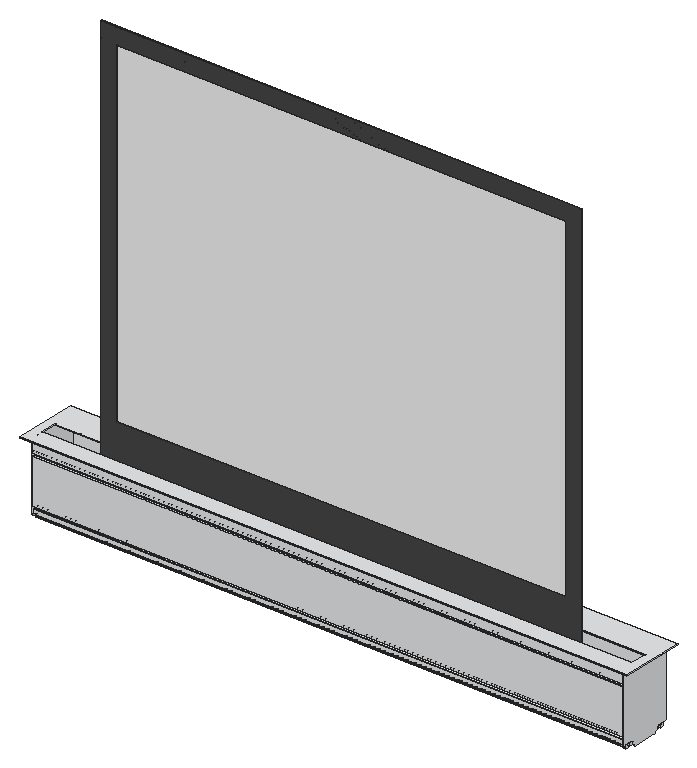
Revit family "Projector_Screen-Draper_Inc-Ultimate_Access_E", category Specialty Equipment, host Face, Revit 2026
Family settings
  Host = Face
  Round Connector Dimension = Use Diameter
  Part Type = Normal
  Classification Number = 23.85.10.14.31
  Enable Cutting in Views = No
  Cut with Voids When Loaded = No
  Maintain Annotation Orientation = No
  Shared = No
  Room Calculation Point = No
Parameters (values of type "NOT A TYPE - LOAD TYPE CATALOG")
  Width = 0' - 7.94005"
  Voltage = 110 V
  URL = "http://www.draperinc.com"
  Screen Drop = 3' - 10 1/2"
  Screen = 5' - 0 1/2"
  Raised [instance] = not(Lowered)  # no
  Projection Screen Material = Fabric - Draper - CH1900E - Pearl White
  Product Page URL = "http://www.draperinc.com/projectionscreens/productdetail.aspx?detail=297"
  Product Name = "Ultimate Access E"
  Product Documentation Link = "http://www.draperinc.com/DocumentDownload.aspx?path=ProjectionScreens\\Submittals&file=UltimateAccessE_In_Sub.pdf"
  Overall Size = "46 1/2\" x 59 1/2\""
  Number of Poles = 1
  Model = "Ultimate Acess E"  # constant formula
  Material = ""
  Manufacturer = "Draper Inc."  # constant formula
  Lowered [instance] = yes
  Length = 6' - 4 3/8"
  Keynote = "10100"
  Image Length = 4' - 8 1/2"
  Image Height = 3' - 6 1/2"
  Image Area = "42 1/2\" x 56 1/2\""
  Image Length Constraint = if(Image Height = Screen Drop, Image Length - 0' 0 1/4", Image Length)  # 4' - 8 1/2"
  Image Height Constraint = if(Image Height = Screen Drop, Image Height - 0' 0 1/4", Image Height)  # 3' - 6 1/2"
  Frequency = 60 Hz
  Description = "Projector Screen"  # constant formula
  Default Elevation = 4' - 0"
  Case Material = Paint - Draper - White
  C Border [instance] = if(Image Height = Screen Drop, Border, Lowered)  # yes
  Border = Image Height < Screen Drop  # yes
  Apparent Load = 132 VA
Reference planes (in)
  plane 1 "Center (Front/Back)": y = 0
  plane 2: z = 0
  plane 3 "Center (Left/Right)": x = 0
  plane 4 "Left": x = -38.1875
  plane 5 "Right": x = 38.1875
  plane 6: x = -37.1875
  plane 7: x = 37.1875
  plane 8: x = -37.28125
  plane 9: x = 37.28125
  plane 10: z = 0.12194
  plane 11 "Bottom": z = -9.31556
  plane 12: z = 48.62194
  plane 13: x = -30.25
  plane 14: x = 30.25
  plane 15 "Back": y = 3.97003
  plane 16 "Front": y = -3.97003
  plane 17: y = 3.375
  plane 18: y = -3.375
  plane 19: z = 24.37194
  plane 20: z = 46.62194
Forms (in)
  Extrusion 1, solid, material "Paint - Draper - White" <- "Case Material"
    sketch origin (0, 0, 0) x (0, 1, 0) y (0, 0, 1)
      loop
        line (2.87726, -9.00479) -> (2.93841, -8.69977)
        arc (2.93841, -8.69977) -> (2.96449, -8.65489) -> (3.01328, -8.63718) r 0.07608
        line (3.01328, -8.63718) -> (3.18725, -8.63718)
        arc (3.18725, -8.63718) -> (3.34947, -8.56999) -> (3.41666, -8.40778) r 0.22941
        line (3.41666, -8.40778) -> (3.41666, -7.91164) -> (3.15766, -7.91164)
        arc (3.15766, -7.91164) -> (2.98853, -7.74251) -> (3.15766, -7.57337) r 0.16913
        line (3.15766, -7.57337) -> (3.3938, -7.57337) -> (3.3938, -1.88075) -> (3.15766, -1.88075)
        arc (3.15766, -1.88075) -> (2.98853, -1.71161) -> (3.15766, -1.54248) r 0.16913
        line (3.15766, -1.54248) -> (3.3938, -1.54248) -> (3.3938, 0) -> (2.96094, 0) -> (2.96094, -8.50479) -> (-2.96094, -8.50479) -> (-2.96094, 0) -> (-3.3938, 0) -> (-3.3938, -1.54248) -> (-3.15766, -1.54248)
        arc (-3.15766, -1.54248) -> (-2.98853, -1.71161) -> (-3.15766, -1.88075) r 0.16913
        line (-3.15766, -1.88075) -> (-3.3938, -1.88075) -> (-3.3938, -7.57337) -> (-3.15766, -7.57337)
        arc (-3.15766, -7.57337) -> (-2.98853, -7.74251) -> (-3.15766, -7.91164) r 0.16913
        line (-3.15766, -7.91164) -> (-3.35671, -7.91164) -> (-3.35671, -8.46772)
        arc (-3.35671, -8.46772) -> (-3.30707, -8.58755) -> (-3.18725, -8.63718) r 0.16946
        line (-3.18725, -8.63718) -> (-3.01328, -8.63718)
        arc (-3.01328, -8.63718) -> (-2.9645, -8.65488) -> (-2.93842, -8.69973) r 0.07608
        line (-2.93842, -8.69973) -> (-2.88329, -9.00479)
        arc (-2.88329, -9.00479) -> (-2.8565, -9.05058) -> (-2.80909, -9.0744) r 0.09345
        line (-2.80909, -9.0744) -> (-2.57672, -9.0744) -> (-2.57672, -8.87934) -> (-2.74741, -8.87934) -> (-2.77182, -8.85493) -> (-2.77182, -8.72089) -> (-2.75961, -8.68428) -> (-2.723, -8.64766) -> (-2.68649, -8.63556) -> (-2.1013, -8.63556) -> (-2.06469, -8.64766) -> (-2.02808, -8.64487) -> (-2.01587, -8.68148) -> (-2.01587, -8.85493) -> (-2.04028, -8.87934) -> (-2.21047, -8.87934) -> (-2.21047, -9.0744) -> (-1.9787, -9.0744)
        arc (-1.9787, -9.0744) -> (-1.91876, -9.03544) -> (-1.9045, -8.96538) r 0.09251
        line (-1.9045, -8.96538) -> (1.89847, -8.96538)
        arc (1.89847, -8.96538) -> (1.91273, -9.03544) -> (1.97267, -9.0744) r 0.09251
        line (1.97267, -9.0744) -> (2.20444, -9.0744) -> (2.20444, -8.87934) -> (2.03425, -8.87934) -> (2.00984, -8.85493) -> (2.00984, -8.68148) -> (2.02205, -8.64487) -> (2.05866, -8.64766) -> (2.09527, -8.63556) -> (2.68046, -8.63556) -> (2.71697, -8.64766) -> (2.75359, -8.68428) -> (2.76579, -8.72089) -> (2.76579, -8.85493) -> (2.74138, -8.87934) -> (2.5707, -8.87934) -> (2.5707, -9.0744) -> (2.80306, -9.0744)
        arc (2.80306, -9.0744) -> (2.85047, -9.05058) -> (2.87726, -9.00479) r 0.09345
    from -37.1875 to 37.1875
  Extrusion 2, solid, material "Paint - Draper - White" <- "Case Material"
    sketch origin (0, 0, 0) x (0, 1, 0) y (0, 0, 1)
      loop
        arc (3.12498, -8.55974) -> (3.30177, -8.48651) -> (3.375, -8.30971) r 0.25002
        line (3.375, -8.30971) -> (3.375, -0.38001)
        arc (3.375, -0.38001) -> (3.33984, -0.29513) -> (3.25496, -0.25997) r 0.12004
        line (3.25496, -0.25997) -> (3.11495, -0.25997)
        arc (3.11495, -0.25997) -> (3.03011, -0.22483) -> (2.99497, -0.13999) r 0.11999
        line (2.99497, -0.13999) -> (2.99497, 0) -> (-2.99497, 0) -> (-2.99497, -0.13993)
        arc (-2.99497, -0.13993) -> (-3.03013, -0.22481) -> (-3.11501, -0.25997) r 0.12004
        line (-3.11501, -0.25997) -> (-3.25502, -0.25997)
        arc (-3.25502, -0.25997) -> (-3.33986, -0.29512) -> (-3.375, -0.37996) r 0.11999
        line (-3.375, -0.37996) -> (-3.375, -8.30975)
        arc (-3.375, -8.30975) -> (-3.30179, -8.48651) -> (-3.12503, -8.55972) r 0.24997
        line (-3.12503, -8.55972) -> (-2.08183, -8.55972)
        arc (-2.08183, -8.55972) -> (-1.99338, -8.59636) -> (-1.95674, -8.68482) r 0.12509
        line (-1.95674, -8.68482) -> (-1.95674, -8.83094)
        arc (-1.95674, -8.83094) -> (-1.93283, -8.94291) -> (-1.82991, -8.99307) r 0.13067
        line (-1.82991, -8.99307) -> (-1.7159, -8.99307)
        arc (-1.7159, -8.99307) -> (-1.62752, -9.02967) -> (-1.59091, -9.11805) r 0.12499
        line (-1.59091, -9.11805) -> (-1.59091, -9.19057)
        arc (-1.59091, -9.19057) -> (-1.55431, -9.27895) -> (-1.46593, -9.31556) r 0.12499
        line (-1.46593, -9.31556) -> (1.46593, -9.31556)
        arc (1.46593, -9.31556) -> (1.55431, -9.27895) -> (1.59091, -9.19057) r 0.12499
        line (1.59091, -9.19057) -> (1.59091, -9.11805)
        arc (1.59091, -9.11805) -> (1.62752, -9.02967) -> (1.7159, -8.99307) r 0.12499
        line (1.7159, -8.99307) -> (1.83739, -8.99307)
        arc (1.83739, -8.99307) -> (1.92577, -8.95646) -> (1.96238, -8.86808) r 0.12499
        line (1.96238, -8.86808) -> (1.96238, -8.64766)
        arc (1.96238, -8.64766) -> (2.00693, -8.58463) -> (2.08, -8.55974) r 0.12509
        line (2.08, -8.55974) -> (3.12498, -8.55974)
    from -37.28125 to -37.1875
  Extrusion 3, solid, material "Paint - Draper - White" <- "Case Material"
    sketch origin (0, 0, 0) x (0, 1, 0) y (0, 0, 1)
      loop
        arc (3.375, -0.38001) -> (3.33984, -0.29513) -> (3.25496, -0.25997) r 0.12004
        line (3.25496, -0.25997) -> (3.11495, -0.25997)
        arc (3.11495, -0.25997) -> (3.03011, -0.22483) -> (2.99497, -0.13999) r 0.11999
        line (2.99497, -0.13999) -> (2.99497, 0) -> (-2.99497, 0) -> (-2.99497, -0.13993)
        arc (-2.99497, -0.13993) -> (-3.03013, -0.22481) -> (-3.11501, -0.25997) r 0.12004
        line (-3.11501, -0.25997) -> (-3.25502, -0.25997)
        arc (-3.25502, -0.25997) -> (-3.33986, -0.29512) -> (-3.375, -0.37996) r 0.11999
        line (-3.375, -0.37996) -> (-3.375, -8.30975)
        arc (-3.375, -8.30975) -> (-3.30179, -8.48651) -> (-3.12503, -8.55972) r 0.24997
        line (-3.12503, -8.55972) -> (-2.08183, -8.55972)
        arc (-2.08183, -8.55972) -> (-1.99338, -8.59636) -> (-1.95674, -8.68482) r 0.12509
        line (-1.95674, -8.68482) -> (-1.95674, -8.83094)
        arc (-1.95674, -8.83094) -> (-1.93283, -8.94291) -> (-1.82991, -8.99307) r 0.13067
        line (-1.82991, -8.99307) -> (-1.7159, -8.99307)
        arc (-1.7159, -8.99307) -> (-1.62752, -9.02967) -> (-1.59091, -9.11805) r 0.12499
        line (-1.59091, -9.11805) -> (-1.59091, -9.19057)
        arc (-1.59091, -9.19057) -> (-1.55431, -9.27895) -> (-1.46593, -9.31556) r 0.12499
        line (-1.46593, -9.31556) -> (1.46593, -9.31556)
        arc (1.46593, -9.31556) -> (1.55431, -9.27895) -> (1.59091, -9.19057) r 0.12499
        line (1.59091, -9.19057) -> (1.59091, -9.11805)
        arc (1.59091, -9.11805) -> (1.62752, -9.02967) -> (1.7159, -8.99307) r 0.12499
        line (1.7159, -8.99307) -> (1.83739, -8.99307)
        arc (1.83739, -8.99307) -> (1.92577, -8.95646) -> (1.96238, -8.86808) r 0.12499
        line (1.96238, -8.86808) -> (1.96238, -8.64766)
        arc (1.96238, -8.64766) -> (2.00693, -8.58463) -> (2.08, -8.55974) r 0.12509
        line (2.08, -8.55974) -> (3.12498, -8.55974)
        arc (3.12498, -8.55974) -> (3.30177, -8.48651) -> (3.375, -8.30971) r 0.25002
        line (3.375, -8.30971) -> (3.375, -0.38001)
    from 37.1875 to 37.28125
  Extrusion 4, solid, material "Paint - Draper - White" <- "Case Material"
    sketch origin (0, 0, 0) x (1, 0, 0) y (0, 1, 0)
      loop
        line (-37.1875, 0.23692) -> (-37.1875, -1.9045) -> (37.1875, -1.9045) -> (37.1875, 0.23692) -> (-37.1875, 0.23692)
      loop
        line (-38.1875, 3.99901) -> (-38.1875, -4.01543) -> (38.1875, -4.01543) -> (38.1875, 3.99901) -> (-38.1875, 3.99901)
    from 0 to 0.12194
  Extrusion 5, void
    sketch origin (0, 0, 0) x (1, 0, 0) y (0, 1, 0)
      loop
        line (-37.40625, 3.41666) -> (-37.40625, -3.375) -> (37.40625, -3.375) -> (37.40625, 3.41666) -> (-37.40625, 3.41666)
    from -9.31556 to 0.12194
  Sweep 6, solid, material "Fabric - Draper - CH1900E - Pearl White" <- "Projection Screen Material", visible <- "Lowered"
    path origin (0, 0, 0) x (0, 1, 0) y (0, 0, 1)
      loop
        line (-1.1194, 48.62194) -> (-1.1194, -3.49177)
    profile origin (0, -1.1194, 22.56509) x (1, 0, 0) y (0, 1, 0)
      loop
        line (-30.25, 0.03125) -> (-30.25, -0.03125) -> (30.25, -0.03125) -> (30.25, 0.03125) -> (-30.25, 0.03125)
  Extrusion 7, solid, material "Paint - Draper - White" <- "Case Material"
    sketch origin (0, 0, 0) x (1, 0, 0) y (0, 1, 0)
      loop
        circle (-35.9375, 1) r 0.4375
    from -9.035 to -8.98261
  Extrusion 8, solid, material "Fabric - Draper - Border - Black", visible <- "C Border"
    sketch origin (0, 0, 0) x (1, 0, 0) y (0, 0, 1)
      loop
        line (-30.25, 48.62194) -> (-30.25, -3.49177) -> (30.25, -3.49177) -> (30.25, 48.62194) -> (-30.25, 48.62194)
      loop
        line (-28.25, 46.62194) -> (-28.25, 4.12194) -> (28.25, 4.12194) -> (28.25, 46.62194) -> (-28.25, 46.62194)
    from 1.06403 to 1.18087
  Extrusion 9, solid, material "Paint - Draper - White" <- "Case Material", visible <- "Raised"
    sketch origin (0, 0, 0) x (1, 0, 0) y (0, 1, 0)
      loop
        line (-37.1875, 0.23692) -> (-37.1875, -1.9045) -> (37.1875, -1.9045) -> (37.1875, 0.23692) -> (-37.1875, 0.23692)
    from 0 to 0.12194
  Extrusion 10, solid, material "Fabric - Draper - Border - Black", visible <- "Lowered"
    sketch origin (0, 0, 0) x (1, 0, 0) y (0, 0, 1)
      loop
        line (-30.25, 48.62194) -> (-30.25, 46.62194) -> (30.25, 46.62194) -> (30.25, 48.62194) -> (-30.25, 48.62194)
    from 1.06403 to 1.18087
Lines and regions (in)
  Masking region 1, visible <- "Lowered"
    outline origin (0, 0, 0) x (1, 0, 0) y (0, 1, 0)
      loop
        line (-38.1875, 3.96904) -> (-38.1875, -4.01543) -> (38.1875, -4.01543) -> (38.1875, 3.96904) -> (-38.1875, 3.96904)
      loop
        line (-37.1875, 0.23692) -> (-37.1875, -1.9045) -> (37.1875, -1.9045) -> (37.1875, 0.23692) -> (-37.1875, 0.23692)
  Masking region 2, visible <- "Raised"
    outline origin (0, 0, 0) x (1, 0, 0) y (0, 1, 0)
      loop
        line (-38.1875, 3.99901) -> (-38.1875, -4.01543) -> (38.1875, -4.01543) -> (38.1875, 3.99901) -> (-38.1875, 3.99901)
  symbolic lines, detail levels fine
    curve 1: line (-37.1875, -3.96904, 0) -> (-37.1875, 3.99901, 0)
    curve 2: line (37.1875, 3.99901, 0) -> (37.1875, -4.01543, 0)
Dimensions and locks (in)
  equal spacing: plane 4 "Left", plane 3 "Center (Left/Right)", plane 5 "Right"
  "Length": plane 4 "Left" to plane 5 "Right"
  plane 4 "Left" to plane 6 = 0' - 1"
  plane 7 to plane 5 "Right" = 0' - 1"
  locked: plane 8 to plane 6 at 0.09375
  locked: plane 7 to plane 9 at 0.09375
  Extrusion 4 sketch curve to Extrusion 4 sketch curve = 0' - 3.76209"
  locked: Extrusion 4 sketch curve to Extrusion 4 sketch curve at 2.11093
  locked: Extrusion 4 sketch curve to Extrusion 4 sketch curve at 1  (x2)
  locked: plane 10 to plane 2 at 0.12194
  Extrusion 5 sketch curve to plane 1 "Center (Front/Back)" to Extrusion 5 sketch curve = 0' - 3 3/8" locked, 0' - 3.41666" locked
  Extrusion 5 sketch curve to Extrusion 5 sketch curve = 0' - 6.79166"
  plane 2 to plane 11 "Bottom" = 0' - 9.31556"
  "Screen Drop": plane 20 to plane 10
  locked: plane 2 to Sweep 6 sketch curve at 3.49177
  Sweep 6 sketch curve to profile plane to Sweep 6 sketch curve = 0' - 0 1/32" locked, 0' - 0 1/32" locked
  locked: plane 4 "Left" to Extrusion 7 sketch curve at 2.25
  locked: plane 1 "Center (Front/Back)" to Extrusion 7 sketch curve at 1
  plane 2 to Extrusion 7 = 0' - 9.035"
  equal spacing: plane 15 "Back", plane 1 "Center (Front/Back)", plane 16 "Front"
  "Width": plane 15 "Back" to plane 16 "Front"
  locked: plane 15 "Back" to plane 17 at 0.59503
  locked: plane 18 to plane 16 "Front" at 0.59502
  Extrusion 2 sketch curve to Extrusion 2 sketch curve to plane 11 "Bottom" = 0' - 0.43333" locked, 0' - 0.32249" locked
  locked: plane 2 to Extrusion 2 sketch curve at 0.25997  (x2)
  Extrusion 2 sketch curve to Extrusion 2 sketch curve to plane 11 "Bottom" = 0' - 0.43334" locked, 0' - 0.32249" locked
  Extrusion 2 sketch curve to Extrusion 2 sketch curve to plane 1 "Center (Front/Back)" to Extrusion 2 sketch curve to Extrusion 2 sketch curve = 0' - 0.37147" locked, 0' - 1.59091" locked, 0' - 1.59091" locked, 0' - 0.36582" locked
  Extrusion 2 sketch curve to plane 1 "Center (Front/Back)" to Extrusion 2 sketch curve = 0' - 2.99497" locked, 0' - 2.99497" locked
  Extrusion 3 sketch curve to Extrusion 3 sketch curve to plane 1 "Center (Front/Back)" to Extrusion 3 sketch curve to Extrusion 3 sketch curve = 0' - 0.37147" locked, 0' - 1.59091" locked, 0' - 1.59091" locked, 0' - 0.36582" locked
  Extrusion 3 sketch curve to Extrusion 3 sketch curve to plane 11 "Bottom" = 0' - 0.43334", 0' - 0.32249"
  plane 2 to Extrusion 3 sketch curve = 0' - 0.25997"
  locked: plane 2 to Extrusion 3 sketch curve at 0.25997
  Extrusion 3 sketch curve to Extrusion 3 sketch curve to plane 11 "Bottom" = 0' - 0.43333" locked, 0' - 0.32249" locked
  Extrusion 3 sketch curve to plane 1 "Center (Front/Back)" to Extrusion 3 sketch curve = 0' - 2.99497" locked, 0' - 2.99497" locked
  Extrusion 1 sketch curve to Extrusion 1 sketch curve to plane 1 "Center (Front/Back)" to Extrusion 1 sketch curve to Extrusion 1 sketch curve = 0' - 0.43286" locked, 0' - 2 123/128" locked, 0' - 2 123/128" locked, 0' - 0.43286" locked
  plane 2 to Extrusion 1 sketch curve to Extrusion 1 sketch curve to Extrusion 1 sketch curve to Extrusion 1 sketch curve to Extrusion 1 sketch curve to Extrusion 1 sketch curve to Extrusion 1 sketch curve to Extrusion 1 sketch curve = 0' - 1.54248" locked, 0' - 0.33827" locked, 0' - 5.69263" locked, 0' - 0.33827" locked, 0' - 0.72392" locked, 0' - 0.00162" locked, 0' - 0.24216" locked, 0' - 0.19506" locked  (x2)
  Extrusion 1 sketch curve to Extrusion 1 sketch curve to Extrusion 1 sketch curve to Extrusion 1 sketch curve to Extrusion 1 sketch curve to Extrusion 1 sketch curve to Extrusion 1 sketch curve to Extrusion 1 sketch curve to Extrusion 1 sketch curve to Extrusion 1 sketch curve to Extrusion 1 sketch curve to plane 1 "Center (Front/Back)" to Extrusion 1 sketch curve to Extrusion 1 sketch curve to Extrusion 1 sketch curve to Extrusion 1 sketch curve to Extrusion 1 sketch curve to Extrusion 1 sketch curve to Extrusion 1 sketch curve to Extrusion 1 sketch curve to Extrusion 1 sketch curve to Extrusion 1 sketch curve = 0' - 0.17397" locked, 0' - 0.07487" locked, 0' - 0.06115" locked, 0' - 0 19/256" locked, 0' - 0.03727" locked, 0' - 0.19509" locked, 0' - 0.36625" locked, 0' - 0.1946" locked, 0' - 0.03717" locked, 0' - 0 19/256" locked, 0' - 1.89847" locked, 0' - 1.9045" locked, 0' - 0.11138" locked, 0' - 0.1946" locked, 0' - 0.36625" locked, 0' - 0.19509" locked, 0' - 0.03727" locked, 0' - 0 19/256" locked, 0' - 0.05512" locked, 0' - 0.07486" locked, 0' - 0.17397" locked
  locked: Extrusion 1 sketch curve to plane 11 "Bottom" at 0.35018
  locked: Extrusion 7 to Extrusion 1 at 0.06962
  locked: plane 1 "Center (Front/Back)" to Sweep 6 sketch curve at 1.1194
  equal spacing: plane 12, plane 19, plane 10
  "Image Height Constraint": Extrusion 8 sketch curve to Extrusion 8 sketch curve
  locked: Sweep 6 to Extrusion 8 at 0.03022
  locked: Extrusion 8 to Sweep 6 at 0.02412
  locked: plane 12 to Extrusion 8 sketch curve at 2
  equal spacing: Extrusion 8 sketch curve, plane 3 "Center (Left/Right)", Extrusion 8 sketch curve
  "Image Length Constraint": Extrusion 8 sketch curve to Extrusion 8 sketch curve
  equal spacing: plane 14, plane 3 "Center (Left/Right)", plane 13
  "Screen": plane 14 to plane 13
  locked: plane 12 to plane 20 at 2
  plane 10 to plane 11 "Bottom" = 0' - 9 7/16"
  locked: plane 9 to Extrusion 5 sketch curve at 0.125
  locked: Extrusion 5 sketch curve to plane 8 at 0.125
  aligned and locked: plane 2 to host face
  aligned and locked: level to host face
  aligned and locked: Extrusion 1 to plane 6
  aligned and locked: Extrusion 1 to plane 7
  aligned and locked: Extrusion 2 to Extrusion 1
  aligned and locked: Extrusion 2 to plane 8
  aligned and locked: Extrusion 3 to plane 9
  aligned and locked: Extrusion 3 to Extrusion 1
  aligned and locked: Extrusion 4 sketch curve to Extrusion 1  (x2)
  aligned and locked: plane 10 to Extrusion 4
  aligned and locked: Extrusion 5 to plane 11 "Bottom"
  aligned and locked: Sweep 6 sketch curve to plane 13
  aligned and locked: Sweep 6 sketch curve to plane 14
  aligned and locked: Masking region 1 sketch curve to Extrusion 4  (x6)
  aligned and locked: Masking region 1 sketch curve to Extrusion 1
  aligned and locked: curve 1 to Extrusion 4
  aligned and locked: curve 2 to Extrusion 4
  aligned and locked: Extrusion 4 to curve 2  (x2)
  aligned and locked: Extrusion 4 to curve 1
  aligned and locked: level to Extrusion 2 sketch curve
  aligned and locked: plane 17 to Extrusion 2 sketch curve
  aligned and locked: Extrusion 2 sketch curve to plane 18
  aligned and locked: Extrusion 2 sketch curve to plane 11 "Bottom"
  aligned and locked: plane 18 to Extrusion 3 sketch curve
  aligned and locked: plane 11 "Bottom" to Extrusion 3 sketch curve
  aligned and locked: Extrusion 3 sketch curve to plane 17
  aligned and locked: Extrusion 1 sketch curve to Extrusion 1 sketch curve  (x4)
  aligned and locked: Extrusion 5 to Extrusion 1
  aligned and locked: Extrusion 5 to Extrusion 2  (x2)
  aligned and locked: Extrusion 4 to Extrusion 5
  aligned and locked: Extrusion 8 sketch curve to plane 13
  aligned and locked: Extrusion 8 sketch curve to plane 14
  aligned and locked: Extrusion 8 sketch curve to Sweep 6
  aligned and locked: Extrusion 9 sketch curve to Extrusion 4  (x3)
  aligned and locked: Extrusion 9 sketch curve to Extrusion 1
  aligned and locked: Extrusion 9 to host face
  aligned and locked: plane 10 to Extrusion 9
  aligned and locked: Extrusion 8 sketch curve to plane 12
  aligned and locked: plane 12 to Sweep 6 sketch curve
  aligned and locked: Extrusion 10 sketch curve to plane 12
  aligned and locked: Masking region 2 sketch curve to Extrusion 4  (x4)
  aligned and locked: Extrusion 10 sketch curve to plane 13
  aligned and locked: Extrusion 10 sketch curve to plane 14
  aligned and locked: Extrusion 10 sketch curve to plane 20
Automatic sketch dimensions
  plane 16 "Front" to curve 1 = 0' - 0.00099"
  host sketch curve to host sketch curve = 8' - 0"  (x2)
  Extrusion 1 sketch curve to level = 0' - 0"  (x2)
  plane 18 to Extrusion 1 sketch curve = 0' - 0.0183"
  Extrusion 1 sketch curve to Extrusion 1 sketch curve = 0' - 0.19904"
  plane 18 to Extrusion 1 sketch curve = 0' - 0.21734"
  Extrusion 1 sketch curve to Extrusion 1 sketch curve = 0' - 0.01653"  (x3)
  Extrusion 1 sketch curve to Extrusion 1 sketch curve = 0' - 0.0122"  (x4)
  Extrusion 1 sketch curve to Extrusion 1 sketch curve = 0' - 0.02441"  (x8)
  Extrusion 1 sketch curve to Extrusion 1 sketch curve = 0' - 0.03661"  (x8)
  Extrusion 1 sketch curve to Extrusion 1 sketch curve = 0' - 0.03651"  (x2)
  Extrusion 1 sketch curve to Extrusion 1 sketch curve = 0' - 0.08543"
  plane 11 "Bottom" to Extrusion 1 sketch curve = 0' - 0.67069"  (x2)
  Extrusion 1 sketch curve to Extrusion 1 sketch curve = 0' - 0.09074"  (x2)
  Extrusion 1 sketch curve to Extrusion 1 sketch curve = 0' - 0.08533"  (x3)
  Extrusion 1 sketch curve to plane 17 = 0' - 0.21734"  (x2)
  plane 17 to Extrusion 1 sketch curve = 0' - 0.04166"
  Extrusion 1 sketch curve to Extrusion 1 sketch curve = 0' - 0.19506"  (x2)
  Extrusion 1 sketch curve to Extrusion 1 sketch curve = 0' - 0.06962"  (x2)
  Extrusion 1 sketch curve to Extrusion 1 sketch curve = 0' - 0.07608"  (x2)
  Extrusion 1 sketch curve to Extrusion 1 sketch curve = 0' - 0.0121"  (x4)
  Extrusion 1 sketch curve to Extrusion 1 sketch curve = 0' - 0.1324"
  plane 18 to Extrusion 2 sketch curve = 0' - 0.11999"
  plane 18 to Extrusion 2 sketch curve = 0' - 0.24997"
  Extrusion 2 sketch curve to Extrusion 2 sketch curve = 0' - 0.12004"
  Extrusion 2 sketch curve to Extrusion 2 sketch curve = 0' - 0.12509"
  Extrusion 2 sketch curve to Extrusion 2 sketch curve = 0' - 0.12683"
  Extrusion 2 sketch curve to Extrusion 2 sketch curve = 0' - 0.114"
  Extrusion 2 sketch curve to Extrusion 2 sketch curve = 0' - 0 1/8"  (x3)
  Extrusion 2 sketch curve to Extrusion 2 sketch curve = 0' - 0.12149"
  Extrusion 2 sketch curve to Extrusion 2 sketch curve = 0' - 0.11762"
  Extrusion 2 sketch curve to Extrusion 2 sketch curve = 0' - 0.00183"
  Extrusion 2 sketch curve to Extrusion 2 sketch curve = 0' - 0.11999"
  Extrusion 2 sketch curve to plane 17 = 0' - 0.25002"
  Extrusion 2 sketch curve to plane 17 = 0' - 0.12004"
  Extrusion 2 sketch curve to Extrusion 2 sketch curve = 0' - 0.13067"
  Extrusion 2 sketch curve to Extrusion 2 sketch curve = 0' - 0.12508"
  Extrusion 3 sketch curve to level = 0' - 0"
  Extrusion 3 sketch curve to Extrusion 3 sketch curve = 0' - 0.11999"  (x2)
  plane 18 to Extrusion 3 sketch curve = 0' - 0.24997"
  Extrusion 3 sketch curve to Extrusion 3 sketch curve = 0' - 0.12004"  (x2)
  Extrusion 3 sketch curve to Extrusion 3 sketch curve = 0' - 0.12509"
  Extrusion 3 sketch curve to Extrusion 3 sketch curve = 0' - 0.12683"
  Extrusion 3 sketch curve to Extrusion 3 sketch curve = 0' - 0 1/8"  (x4)
  Extrusion 3 sketch curve to Extrusion 3 sketch curve = 0' - 0.12149"
  Extrusion 3 sketch curve to Extrusion 3 sketch curve = 0' - 0.11762"
  Extrusion 3 sketch curve to Extrusion 3 sketch curve = 0' - 0.00183"
  Extrusion 3 sketch curve to Extrusion 3 sketch curve = 0' - 0.25002"
  Extrusion 3 sketch curve to Extrusion 3 sketch curve = 0' - 0.13067"
  Extrusion 3 sketch curve to Extrusion 3 sketch curve = 0' - 0.12508"
  Extrusion 4 sketch curve to plane 4 "Left" = 0' - 0"
  Extrusion 4 sketch curve to plane 1 "Center (Front/Back)" = 0' - 0.23692"
  Masking region 1 sketch curve to plane 15 "Back" = 0' - 0.00099"
  Extrusion 8 sketch curve to plane 12 = 0' - 0"
  radius of Extrusion 7 sketch curve = 0' - 0 7/16"
Connectors (in)
  electrical at (-35.9375, 1, -9.035), driven by "Voltage", driven by "Apparent Load", driven by "Number of Poles"
    settings: on Extrusion 7, index 1, voltage 110 V, apparent load 0 VA, apparent load phase1 132 VA, apparent load phase2 0 VA, apparent load phase3 0 VA, power factor 1, load classification "Motor", number of poles 1, system type 31, power factor state 1, is connector primary yes, connector utility no, sub classification motor no, connector description "Power Connection"
